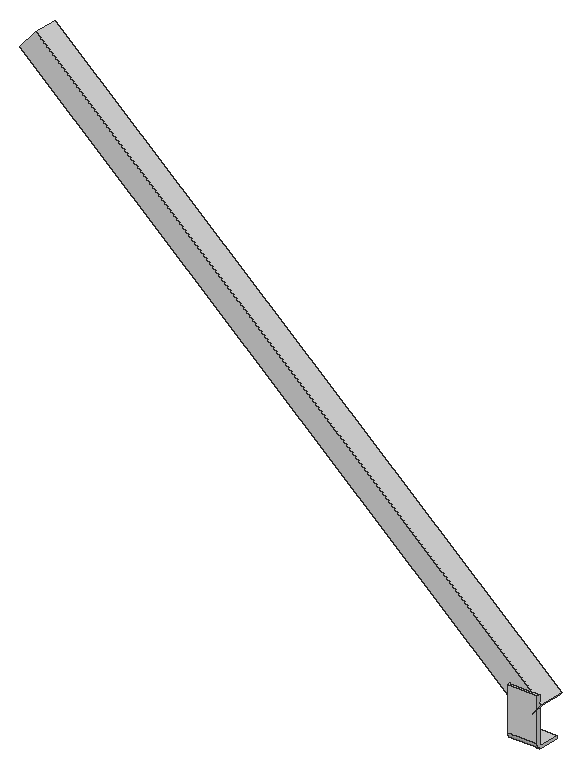
Revit family "Mount_RigidRail_Kattsafe_LateralBrace", category Specialty Equipment, Revit 2025
Family settings
  Round Connector Dimension = Use Diameter
  Part Type = Normal
  OmniClass Number = 23.27.71.21
  Work Plane-Based = No
  Enable Cutting in Views = No
  Always vertical = Yes
  Cut with Voids When Loaded = No
  Maintain Annotation Orientation = No
  Shared = No
  Room Calculation Point = No
Parameters (values of type "Type 1")
  Uniclass2015Version = "Products v1.23"
  Uniclass2015Title = "Brackets"
  Uniclass2015Code = "Pr_20_85_09"
  URL = "https://kattsafe.com.au/"
  Type IFC Predefined Type = "USERDEFINED"
  Type Comments = "Lateral Support Brace"
  SuspendedMountBrace [instance] = not(PurlinMountBrace)  # no
  SafetyDisclaimer [instance] = "WARNING! The correct placement of access, fall protection and facade maintenance systems is critical to ensure it is fit-for-purpose and safe for the operator to use. Did you know Kattsafe® have a dedicated team of Height Safety System Design Specialists? Kattsafe® provide one-on-one consultation and system design assistance to ensure you are meeting the stringent requirements of height safety and to give you PEACE OF MIND with your project."  # constant formula
  PurlinMountBrace [instance] = yes
  ModifiedIssue = 20240430
  Model = "OH281"
  Material = Steel_Stainless_Kattsafe_Satin
  ManufacturerURLProductSpecific = "https://kattsafe.com.au/products/rigid-rails"
  ManufacturerSpecCode = Model  # "OH281"
  IfcExportType = "USERDEFINED"
  IfcExportAs = "IfcBuildingElementProxy"
  Export Type to IFC As = "IfcBuildingElementProxy"
  DesiredSuspensionLength [instance] = 1000 mm
  ManufacturerOverallHeight = 184 mm  # constant formula
  ManufacturerHeightFromFFL [instance] = 2000 mm
  Manufacturer = "Kattsafe®"  # constant formula
  Description = "Rigid rails provide significant spanning capabilities, making them very versatile where there are limited support structures. The high strength aluminium construction, along with the unique t-bolt assembly makes it a very simple and easily adaptable system to install."  # constant formula
  Default Elevation = 0 mm
  CreatedByURL = "https://igsgroup.com.au"
  CreatedBy = "IGS BIM Solutions"  # constant formula
  BraceTopBracketOffset [instance] = if(1 = 1, (BraceOffsetCalc - 160 mm) * tan(50.00°), 0 mm)  # 1001.073 mm
  BraceOffsetCalc [instance] = if(ActualSuspensionLength < 200 mm, 200 mm, ActualSuspensionLength)  # 1000 mm
  BraceLength [instance] = if(1 = 1, ((BraceOffsetCalc - 160 mm) / cos(50.00°)) + 50 mm, 0 mm)  # 1356.808 mm
  Assembly Code = "E1090100"
  ActualSuspensionLength [instance] = if(DesiredSuspensionLength < 50 mm, 50 mm, if(DesiredSuspensionLength > 3000 mm, 3000 mm, DesiredSuspensionLength))  # 1000 mm
Reference planes
  plane 1 "Center (Front/Back)": y = 178.5
  plane 2 "Ref. Level": z = 0
  plane 3 "Center (Left/Right)": x = 0
  plane 4 "BraceTopValid": z = 2000
  plane 5 "ConcreteBracketBottom": z = 1030
  plane 6 "RailTop": z = 1000
  plane 7 "BraceFront": y = 147.5
  plane 8 "BracePinBottom": z = 1080
  plane 9 "BracePinTop": z = 1920
  plane 10 "BraceTopCentre": x = -1001.073
  plane 11 "BraceTopLeft": x = -1031.073
  plane 12 "BraceTopRight": x = -971.073
  plane 13 "Top": z = 2000
  plane 14 "DesiredRailTop": z = 1000
  plane 15 "FrameFront": y = 153.5
Forms (mm)
  Extrusion 1, solid, material "Steel_Stainless_Kattsafe_Satin" <- "Material"
    sketch origin (0, 4.932, 0) x (0, 1, 0) y (0, 0, 1)
      loop
        line (192.568, 1006) -> (154.568, 1006)
        arc (154.568, 1006) -> (150.325, 1007.757) -> (148.568, 1012) r 6
        line (148.568, 1012) -> (148.568, 1100) -> (142.568, 1100) -> (142.568, 1012)
        arc (142.568, 1012) -> (146.082, 1003.515) -> (154.568, 1000) r 12
        line (154.568, 1000) -> (192.568, 1000) -> (192.568, 1006)
    from -30 to 30
  Sweep 2, solid, material "Steel_Stainless_Kattsafe_Satin" <- "Material", visible <- "SuspendedMountBrace"
    path origin (0, 147.5, 0) x (0, 0, -1) y (-1, 0, 0)
      loop
        line (-1063.93, -19.151) -> (-1936.07, 1020.224)
    profile origin (-500.537, 147.5, 1500) x (0.642788, 0, 0.766044) y (0, 1, 0)
      loop
        line (-25, 0) -> (-25, -50) -> (-19, -50) -> (-19, -6) -> (25, -6) -> (25, 0) -> (-25, 0)
  Extrusion 3, solid, material "Steel_Stainless_Kattsafe_Satin" <- "Material", visible <- "SuspendedMountBrace"
    sketch origin (-405, 4.932, 608) x (0, 1, 0) y (0, 0, -1)
      loop
        line (192.568, -1386) -> (154.568, -1386)
        arc (154.568, -1386) -> (150.325, -1384.243) -> (148.568, -1380) r 6
        line (148.568, -1380) -> (148.568, -1292) -> (142.568, -1292) -> (142.568, -1380)
        arc (142.568, -1380) -> (146.082, -1388.485) -> (154.568, -1392) r 12
        line (154.568, -1392) -> (192.568, -1392) -> (192.568, -1386)
    from 566.073 to 626.073
  Sweep 4, solid, material "Steel_Stainless_Kattsafe_Satin" <- "Material", visible <- "PurlinMountBrace"
    path origin (15.738, 153.5, 4000) x (-1, 0, 0) y (0, 0, 1)
      loop
        line (-3.413, -2936.07) -> (1035.962, -2063.93)
    profile origin (-500.537, 153.5, 1500) x (0.642788, 0, 0.766044) y (0, 1, 0)
      loop
        line (25, 0) -> (25, 50) -> (19, 50) -> (19, 6) -> (-25, 6) -> (-25, 0) -> (25, 0)
Lines and regions (mm)
  Masking region 1, visible <- "SuspendedMountBrace"
    outline origin (0, 0, 1000) x (-1, 0, 0) y (0, -1, 0)
      loop
        line (30, -197.5) -> (30, -147.5) -> (-30, -147.5) -> (-30, -197.5) -> (30, -197.5)
  Masking region 2, visible <- "SuspendedMountBrace"
    outline origin (0, 0, 1000) x (-1, 0, 0) y (0, -1, 0)
      loop
        line (1031.073, -197.5) -> (1031.073, -147.5) -> (971.073, -147.5) -> (971.073, -197.5) -> (1031.073, -197.5)
  Masking region 3, built-in parameter 1006206 <- "SuspendedMountBrace", visible <- "SuspendedMountBrace"
    outline origin (0, 0, 1000) x (-1, 0, 0) y (0, -1, 0)
      loop
        line (1036.294, -147.5) -> (1036.294, -97.5) -> (-6.938, -97.5) -> (-6.938, -141.5) -> (-35.221, -141.5) -> (-35.221, -147.5) -> (1036.294, -147.5)
  Masking region 4, visible <- "PurlinMountBrace"
    outline origin (0, 0, 1000) x (-1, 0, 0) y (0, -1, 0)
      loop
        line (-35.221, -203.5) -> (1008.011, -203.5) -> (1008.011, -159.5) -> (1036.294, -159.5) -> (1036.294, -153.5) -> (-35.221, -153.5) -> (-35.221, -203.5)
  Masking region 5, visible <- "PurlinMountBrace"
    outline origin (0, 0, 1000) x (-1, 0, 0) y (0, -1, 0)
      loop
        line (30, -153.5) -> (30, -147.5) -> (-30, -147.5) -> (-30, -153.5) -> (30, -153.5)
  reference lines
    curve 1: line (0, 147.5, 1080) -> (-1001.073, 147.5, 1920)
    curve 2: line (0, 147.5, 1080) -> (12.856, 147.5, 1095.321)
    curve 3: line (-1001.073, 147.5, 1920) -> (-991.431, 147.5, 1931.491)
  symbolic lines, style "Fall Arrest Systems", visible <- "SuspendedMountBrace", detail levels medium+fine
    curve 4: line (30, 153.5, 1000) -> (-30, 153.5, 1000)
  symbolic lines, style "Fall Arrest Systems", built-in parameter 1006206 <- "SuspendedMountBrace", visible <- "SuspendedMountBrace", detail levels medium+fine
    curve 5: line (-1032.437, 97.5, 1000) -> (-1032.437, 141.5, 1000)
    curve 6: line (-1032.437, 141.5, 1000) -> (6.938, 141.5, 1000)
    curve 7: line (-1004.154, 141.5, 1000) -> (-1004.154, 147.5, 1000)
  symbolic lines, style "Fall Arrest Systems", visible <- "PurlinMountBrace"
    curve 8: line (-1004.154, 153.5, 1000) -> (-1004.154, 203.5, 1000)
Text (mm)
  text "Disclaimer:\nDue to ongoing product development and manufacturing \nevolution, product details are subject to change without \nnotice. Please refer to product technical data sheets on \nthe manufacturers website for the most current product \ninformation. Please allow a +/- 5mm manufacturing \ntolerance for dimensions and set-outs shown in product \nliterature." at (359.112, 121.286, 0), in view "Ref. Level"
Dimensions and locks
  "ManufacturerHeightFromFFL": plane 13 "Top" to plane 2 "Ref. Level"
  "ActualSuspensionLength": plane 13 "Top" to plane 6 "RailTop"
  locked: plane 5 "ConcreteBracketBottom" to plane 6 "RailTop" at 30
  Extrusion 1 sketch curve to Extrusion 1 sketch curve to plane 6 "RailTop" = 94 mm locked, 6 mm locked
  Extrusion 1 sketch curve to plane 1 "Center (Front/Back)" to Extrusion 1 sketch curve to Extrusion 1 sketch curve = 19 mm locked, 25 mm, 6 mm locked
  locked: plane 1 "Center (Front/Back)" to plane 7 "BraceFront" at 31
  locked: plane 6 "RailTop" to plane 8 "BracePinBottom" at 80
  locked: plane 9 "BracePinTop" to plane 4 "BraceTopValid" at 80
  locked: curve 1 to curve 3 at 15
  locked: curve 2 to curve 2 at 20
  locked: curve 2 to Sweep 2 sketch curve at 25
  Extrusion 3 sketch curve to Extrusion 3 sketch curve to plane 4 "BraceTopValid" = 94 mm locked, 6 mm locked
  Extrusion 3 sketch curve to Extrusion 3 sketch curve to Extrusion 3 sketch curve = 44 mm locked, 6 mm locked
  "BraceLength": Sweep 2 sketch curve to Sweep 2 sketch curve
  equal spacing: plane 12 "BraceTopRight", plane 10 "BraceTopCentre", plane 11 "BraceTopLeft"
  locked: plane 12 "BraceTopRight" to plane 11 "BraceTopLeft" at 60
  "BraceTopBracketOffset": plane 3 "Center (Left/Right)" to plane 10 "BraceTopCentre"
  "BraceOffsetCalc": plane 4 "BraceTopValid" to plane 6 "RailTop"
  "DesiredSuspensionLength": plane 13 "Top" to plane 14 "DesiredRailTop"
  "BraceLength": Sweep 4 sketch curve to Sweep 4 sketch curve
  locked: plane 15 "FrameFront" to plane 7 "BraceFront" at 6
  locked: Sweep 4 sketch curve to curve 2 at 25
  radius of Extrusion 1 sketch curve = 6 mm
  radius of Extrusion 1 sketch curve = 12 mm
  radius of Extrusion 3 sketch curve = 6 mm
  radius of Extrusion 3 sketch curve = 12 mm
  locked: curve 1 to plane 3 "Center (Left/Right)" (angle 50.00°)
  locked: curve 1 to curve 2 (angle 90.00°)
  locked: curve 3 to curve 1 (angle 90.00°)
  aligned and locked: level to plane 2 "Ref. Level"
  aligned and locked: plane 6 "RailTop" to Extrusion 1 sketch curve
  aligned and locked: plane 8 "BracePinBottom" to curve 1
  aligned and locked: plane 3 "Center (Left/Right)" to curve 1
  aligned and locked: curve 1 to plane 9 "BracePinTop"
  aligned and locked: Sweep 2 sketch curve to curve 1
  aligned and locked: plane 12 "BraceTopRight" to Extrusion 3
  aligned and locked: Extrusion 3 to plane 11 "BraceTopLeft"
  aligned and locked: Masking region 1 sketch curve to Extrusion 1  (x4)
  aligned and locked: curve 4 to Extrusion 1
  aligned and locked: plane 7 "BraceFront" to Masking region 2 sketch curve
  aligned and locked: Masking region 2 sketch curve to plane 12 "BraceTopRight"
  aligned and locked: plane 11 "BraceTopLeft" to Masking region 2 sketch curve
  aligned and locked: Masking region 2 sketch curve to Extrusion 3
  aligned and locked: Masking region 3 sketch curve to Sweep 2  (x4)
  aligned and locked: Masking region 3 sketch curve to plane 7 "BraceFront"
  aligned and locked: Sweep 2 to Masking region 3 sketch curve
  aligned and locked: curve 5 to Sweep 2
  aligned and locked: curve 6 to Sweep 2
  aligned and locked: curve 7 to Sweep 2
  aligned and locked: Masking region 3 to curve 6
  aligned and locked: Sweep 4 sketch curve to curve 1
  aligned and locked: Masking region 4 sketch curve to Sweep 4  (x4)
  aligned and locked: Sweep 4 to Masking region 4 sketch curve
  aligned and locked: Masking region 4 sketch curve to plane 15 "FrameFront"
  aligned and locked: curve 8 to Sweep 4
  aligned and locked: Masking region 5 sketch curve to Extrusion 1  (x2)
  aligned and locked: plane 7 "BraceFront" to Masking region 5 sketch curve
  aligned and locked: Masking region 5 sketch curve to plane 15 "FrameFront"
Automatic sketch dimensions
  Sweep 2 sketch curve to plane 7 "BraceFront" = 0 mm
  profile plane to Sweep 2 sketch curve = 25 mm
  Sweep 2 sketch curve to Sweep 2 sketch curve = 6 mm
  Sweep 2 sketch curve to profile plane = 25 mm
  Sweep 2 sketch curve to plane 7 "BraceFront" = 6 mm
  Sweep 2 sketch curve to Sweep 2 sketch curve = 44 mm
  Extrusion 3 sketch curve to Extrusion 3 sketch curve = 0 mm  (x2)
  Extrusion 3 sketch curve to plane 7 "BraceFront" = 0 mm
  Sweep 4 sketch curve to profile plane = 0 mm
  profile plane to Sweep 4 sketch curve = 25 mm
  profile plane to Sweep 4 sketch curve = 6 mm
  Sweep 4 sketch curve to profile plane = 19 mm
  Sweep 4 sketch curve to Sweep 4 sketch curve = 6 mm
  Sweep 4 sketch curve to Sweep 4 sketch curve = 44 mm
  curve 8 to plane 15 "FrameFront" = 0 mm
  curve 7 to plane 7 "BraceFront" = 0 mm
  curve 4 to curve 6 = 23.062 mm
  curve 4 to plane 3 "Center (Left/Right)" = 30 mm
  curve 8 to plane 1 "Center (Front/Back)" = 25 mm
  curve 5 to curve 5 = 44 mm
